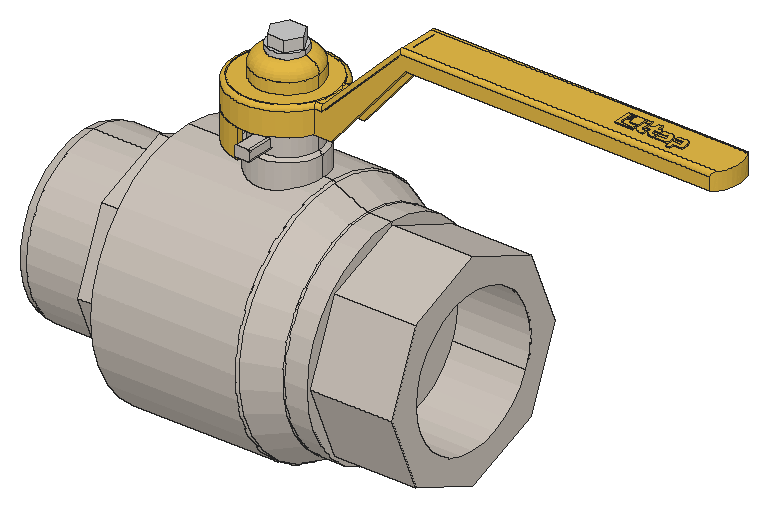
Revit family "067", category Pipe Accessories, Revit 2019
Family settings
  Round Connector Dimension = Use Diameter
  Part Type = Valve - Breaks Into
  OmniClass Number = 23.45.00.00
  OmniClass Title = Sanitary, Laundry, and Cleaning Equipment
  Work Plane-Based = No
  Always vertical = Yes
  Cut with Voids When Loaded = No
  Shared = No
Parameters
  screw = "zinc_ plated steel C4C"  # constant formula
  lever = "Varnished steel_Y"  # constant formula
  Z [instance] = size_lookup(Table, "Z", 0 mm, DN)  # 10.8 mm
  Y [instance] = size_lookup(Table, "Y", 0 mm, DN)  # 11 mm
  X [instance] = size_lookup(Table, "X", 0 mm, DN)  # 3 mm
  W [instance] = size_lookup(Table, "w", 0 mm, DN)  # 5.8 mm
  SH [instance] = size_lookup(Table, "SH", 0 mm, DN)  # 8 mm
  SD [instance] = size_lookup(Table, "SD", 0 mm, DN)  # 18 mm
  R [instance] = DN / 2  # 25 mm
  OD [instance] = size_lookup(Table, "OD", 0 mm, DN)  # 4.4 mm
  Lever Width [instance] = size_lookup(Table, "W", 0 mm, DN)  # 35 mm
  URL = "https://www.itap.it/en/products/valves/gas-ball-valves-and-gas-safety-devices/067/"
  Stem = "Brass CW617N"  # constant formula
  Seat = "P.T.F.E."  # constant formula
  O-ring = "NBR"  # constant formula
  O ring = "Viton"  # constant formula
  Manufacturer = "ITAP S.p.A."  # constant formula
  Model = "067"
  LBS - psi [instance] = size_lookup(Table, "LBS - psi", 0 mm, DN)  # 72.5 mm
  Kg/cm2 bar [instance] = size_lookup(Table, "Kg/cm2 bar", 0 mm, DN)  # 5 mm
  Handle Offset [instance] = size_lookup(Table, "HO", 0 mm, DN)  # 2.75 mm
  G [instance] = size_lookup(Table, "G", 0 mm, DN)  # 26 mm
  Female end adapter = "Nickel-plated brass CW617N"  # constant formula
  F2 [instance] = size_lookup(Table, "F2", 0 mm, DN)  # 28.5 mm
  F1 [instance] = size_lookup(Table, "F1", 0 mm, DN)  # 10 mm
  F [instance] = size_lookup(Table, "F", 0 mm, DN)  # 25.7 mm
  E2 [instance] = E / 2  # 25 mm
  E [instance] = size_lookup(Table, "E", 0 mm, DN)  # 50 mm
  Description = "LONDON BALL VALVE, FULL FLOW"  # constant formula
  DN [instance] = 50 mm
  D [instance] = size_lookup(Table, "D", 0 mm, DN)  # 157.8 mm
  Code [instance] = size_lookup(Table, "", "-", DN)  # "067B200"
  Table = "ITAP"
  CH [instance] = size_lookup(Table, "CH", 0 mm, DN)  # 66 mm
  C1 [instance] = Lever Width / 2  # 17.5 mm
  C [instance] = size_lookup(Table, "C", 0 mm, DN)  # 97 mm
  Body = Nickel-plated brass CW617N_Body
  Ball = "Chrome-plated brass CW617N"  # constant formula
  BOLT2 [instance] = if(DN > 11 mm, 2 > 1, 1 > 2)  # yes
  BOLT1 [instance] = not(BOLT2)  # no
  B [instance] = size_lookup(Table, "B", 0 mm, DN)  # 85 mm
  A [instance] = size_lookup(Table, "A", 0 mm, DN)  # 135.5 mm
Reference planes
  plane 1 "Centro (Fronte/Retro)": y = 0
  plane 2: z = 0
  plane 3 "Centro (Sinistra/Destra)": x = 0
  plane 4: z = 97
  plane 5: z = 42.5
  plane 6: x = -67.75
  plane 7: x = 67.75
  plane 8: x = -41.75
  plane 9: x = 42.05
  plane 10: z = -42.5
  plane 11: z = -25
  plane 12: y = 33
  plane 13: y = -33
  plane 14: x = 160.55
  plane 15: y = -17.5
  plane 16: x = -31.75
  plane 17: y = 1.834
  plane 18: y = -1.834
  plane 19: z = 25
  plane 20: x = 2.75
  plane 21: z = 29.4
  plane 22: x = -64.75
  plane 23: z = -36.7
  plane 24: x = 31.25
  plane 25: x = 30.5
  plane 26: x = 19.5
  plane 27: x = 39.25
Forms (mm)
  Revolve 1, solid, material "Nickel-plated brass CW617N_Body", detail levels fine
    sketch origin (0, 0, 0) x (1, 0, 0) y (0, 0, 1)
      loop
        line (-31.75, 0) -> (-31.75, -42.5) -> (18.613, -42.5)
        arc (18.613, -42.5) -> (19.093, -42.405) -> (19.5, -42.133) r 1.254
        line (19.5, -42.133) -> (30.5, -36.886)
        arc (30.5, -36.886) -> (30.864, -36.747) -> (31.25, -36.7) r 1.61
        line (31.25, -36.7) -> (39.25, -36.7) -> (39.25, -25) -> (42.05, -25) -> (42.05, 0) -> (-31.75, 0)
      axis (-31.75, 0) -> (42.05, 0)
    angle from 0 to 360
  Extrusion 2, solid, material "Lever Material_yellow", detail levels fine
    sketch origin (-96.802, -1524, 97) x (-1, 0, 0) y (0, -1, 0)
      loop
        line (-223.12, -1527.447) -> (-223.12, -1525.974) -> (-224.609, -1525.974) -> (-224.609, -1527.447) -> (-223.12, -1527.447)
      loop
        line (-223.12, -1525.52) -> (-223.12, -1522.799)
        arc (-223.12, -1522.799) -> (-223.611, -1521.614) -> (-224.796, -1521.123) r 1.676
        line (-224.796, -1521.123) -> (-226.129, -1521.123) -> (-226.129, -1522.574) -> (-225.188, -1522.574)
        arc (-225.188, -1522.574) -> (-224.778, -1522.743) -> (-224.609, -1523.153) r 0.579
        line (-224.609, -1523.153) -> (-224.609, -1525.52) -> (-223.12, -1525.52)
      loop
        line (-226.627, -1527.447) -> (-226.627, -1525.52) -> (-225.167, -1525.52) -> (-225.167, -1524) -> (-226.627, -1524) -> (-226.627, -1523.172)
        arc (-226.627, -1523.172) -> (-227.227, -1521.723) -> (-228.676, -1521.123) r 2.049
        line (-228.676, -1521.123) -> (-229.671, -1521.123) -> (-229.671, -1522.574) -> (-228.738, -1522.574)
        arc (-228.738, -1522.574) -> (-228.341, -1522.738) -> (-228.177, -1523.135) r 0.561
        line (-228.177, -1523.135) -> (-228.177, -1524) -> (-229.671, -1524) -> (-229.671, -1524.957)
        arc (-229.671, -1524.957) -> (-229.507, -1525.355) -> (-229.109, -1525.52) r 0.562
        line (-229.109, -1525.52) -> (-228.177, -1525.52) -> (-228.177, -1527.447) -> (-226.627, -1527.447)
      loop
        line (-230.216, -1524) -> (-232.147, -1524)
        arc (-232.147, -1524) -> (-233.036, -1523.553) -> (-233.209, -1522.574) r 1.108
        line (-233.209, -1522.574) -> (-230.216, -1522.574) -> (-230.216, -1521.123) -> (-234.146, -1521.123)
        arc (-234.146, -1521.123) -> (-234.551, -1521.291) -> (-234.718, -1521.695) r 0.571
        line (-234.718, -1521.695) -> (-234.718, -1523.166)
        arc (-234.718, -1523.166) -> (-234.029, -1524.83) -> (-232.364, -1525.52) r 2.354
        line (-232.364, -1525.52) -> (-230.783, -1525.52)
        arc (-230.783, -1525.52) -> (-230.382, -1525.354) -> (-230.216, -1524.952) r 0.568
        line (-230.216, -1524.952) -> (-230.216, -1524)
      loop
        line (-235.303, -1524) -> (-237.235, -1524)
        arc (-237.235, -1524) -> (-238.124, -1523.553) -> (-238.296, -1522.574) r 1.108
        line (-238.296, -1522.574) -> (-235.303, -1522.574) -> (-235.303, -1519.479) -> (-236.753, -1519.479) -> (-236.753, -1521.123) -> (-239.234, -1521.123)
        arc (-239.234, -1521.123) -> (-239.638, -1521.291) -> (-239.805, -1521.695) r 0.571
        line (-239.805, -1521.695) -> (-239.805, -1523.166)
        arc (-239.805, -1523.166) -> (-239.116, -1524.83) -> (-237.452, -1525.52) r 2.354
        line (-237.452, -1525.52) -> (-235.871, -1525.52)
        arc (-235.871, -1525.52) -> (-235.469, -1525.354) -> (-235.303, -1524.952) r 0.568
        line (-235.303, -1524.952) -> (-235.303, -1524)
      loop
        line (-222.484, -1521.123) -> (-222.484, -1527.447) -> (-216.184, -1527.447) -> (-216.184, -1521.123) -> (-222.484, -1521.123)
      loop
        line (-217.436, -1526.924) -> (-217.436, -1525.482)
        arc (-217.436, -1525.482) -> (-217.864, -1525.291) -> (-218.292, -1525.482) r 0.575
        arc (-218.292, -1525.482) -> (-218.831, -1525.804) -> (-219.438, -1525.646) r 0.812
        line (-219.438, -1525.646) -> (-219.438, -1526.924) -> (-217.436, -1526.924)
      loop
        line (-219.438, -1523.68) -> (-219.438, -1525.129)
        arc (-219.438, -1525.129) -> (-218.946, -1525.378) -> (-218.453, -1525.129) r 0.612
        arc (-218.453, -1525.129) -> (-217.944, -1524.872) -> (-217.436, -1525.129) r 0.632
        line (-217.436, -1525.129) -> (-217.436, -1523.44)
        arc (-217.436, -1523.44) -> (-217.938, -1522.227) -> (-219.151, -1521.725) r 1.715
        line (-219.151, -1521.725) -> (-222.057, -1521.725) -> (-222.057, -1523.68) -> (-219.438, -1523.68)
    from -0.5 to 0.5
  Revolve 3, solid, material "Nickel-plated brass CW617N_Body", detail levels fine
    sketch origin (0, 0, 0) x (1, 0, 0) y (0, 0, 1)
      loop
        line (-67.75, 28.361) -> (-67.75, 25) -> (-41.75, 25) -> (-41.75, 29.4) -> (-64.75, 29.4) -> (-67.75, 28.361)
      axis (-67.75, 0) -> (-41.75, 0)
    angle from 0 to 360
Lines and regions (mm)
  model lines, detail levels coarse+medium
    curve 1: circle (0, 0, 0) r 25 normal (0, 0, 1)
    curve 2: line (-41.75, 33, 0) -> (-41.75, -33, 0)
    curve 3: line (42.05, 33, 0) -> (42.05, -33, 0)
    curve 4: line (-41.75, 33, 0) -> (-24.933, 1.834, 0)
    curve 5: line (-41.75, -33, 0) -> (-24.933, -1.834, 0)
    curve 6: line (42.05, 33, 0) -> (24.933, 1.834, 0)
    curve 7: line (42.05, -33, 0) -> (24.933, -1.834, 0)
    curve 8: line (-41.75, 0, 0) -> (-67.75, 0, 0)
    curve 9: line (42.05, 0, 0) -> (67.75, 0, 0)
Dimensions and locks
  "C": plane 4 to level
  equal spacing: plane 6, plane 3 "Centro (Sinistra/Destra)", plane 7
  "A": plane 6 to plane 7
  "G": plane 6 to plane 8
  "F": plane 7 to plane 9
  equal spacing: plane 5, level, plane 10
  "B": plane 5 to plane 10
  "E2": level to plane 11
  equal spacing: plane 13, plane 1 "Centro (Fronte/Retro)", plane 12
  "CH": plane 13 to plane 12
  "D": plane 14 to plane 20
  "C1": plane 1 "Centro (Fronte/Retro)" to plane 15
  Extrusion 2 to plane 4 to Extrusion 2 = 0.5 mm locked, 0.5 mm locked
  "F1": plane 16 to plane 8
  equal spacing: plane 19, level, plane 11
  "Handle Offset": plane 20 to plane 3 "Centro (Sinistra/Destra)"
  "OD": plane 21 to plane 19
  "X": plane 6 to plane 22
  "W": plane 23 to plane 10
  locked: plane 25 to plane 24 at 0.75
  "Y": plane 26 to plane 25
  locked: Revolve 1 sketch curve to plane 26 at 0.887
  locked: Revolve 1 sketch curve to plane 10 at 0.367
  "Z": plane 24 to plane 9
  locked: plane 23 to Revolve 1 sketch curve at 0.186
  "F2": plane 7 to plane 27
  "DN": diameter of curve 1
  aligned and locked: level to plane 2
  aligned and locked: plane 10 to Revolve 1 sketch curve
  aligned and locked: Revolve 1 sketch curve to plane 16
  aligned and locked: nested 1 to plane 8
  aligned and locked: curve 2 to plane 8
  aligned and locked: curve 3 to plane 9
  aligned and locked: plane 12 to curve 2
  aligned and locked: plane 13 to curve 2
  aligned and locked: plane 12 to curve 3
  aligned and locked: plane 13 to curve 3
  aligned and locked: curve 2 to curve 8
  aligned and locked: plane 6 to curve 8
  aligned and locked: curve 3 to curve 9
  aligned and locked: plane 7 to curve 9
  aligned and locked: Revolve 1 sketch curve to Revolve 1 sketch curve
  aligned and locked: Revolve 3 sketch curve to plane 19
  aligned and locked: Revolve 3 sketch curve to plane 21  (x2)
  aligned and locked: plane 8 to Revolve 3 sketch curve
  aligned and locked: nested 2 to plane 7
  aligned and locked: nested 2 to plane 1 "Centro (Fronte/Retro)"
  aligned and locked: plane 23 to Revolve 1 sketch curve
  aligned and locked: plane 25 to Revolve 1 sketch curve  (x2)
  aligned and locked: plane 24 to Revolve 1 sketch curve
  aligned and locked: plane 26 to Revolve 1 sketch curve
  aligned and locked: Revolve 1 sketch curve to plane 9
  aligned and locked: Revolve 1 sketch curve to plane 27
  aligned and locked: Revolve 1 sketch curve to plane 11
  aligned and locked: plane 1 "Centro (Fronte/Retro)" to nested 3
  aligned and locked: plane 20 to nested 3
  aligned and locked: nested 4 to level
  aligned and locked: nested 5 to level
  aligned and locked: plane 16 to nested 5
  aligned and locked: nested 4 to plane 27
  aligned and locked: plane 1 "Centro (Fronte/Retro)" to nested 5
  aligned and locked: plane 1 "Centro (Fronte/Retro)" to nested 4
  aligned and locked: plane 6 to Revolve 3 sketch curve
  aligned and locked: plane 22 to Revolve 3 sketch curve
Automatic sketch dimensions
  plane 1 "Centro (Fronte/Retro)" to Extrusion 2 sketch curve = 0 mm  (x4)
  plane 1 "Centro (Fronte/Retro)" to Extrusion 2 sketch curve = 2.305 mm
  plane 14 to Extrusion 2 sketch curve = 17.547 mm
  Extrusion 2 sketch curve to Extrusion 2 sketch curve = 0.571 mm  (x2)
  Extrusion 2 sketch curve to Extrusion 2 sketch curve = 0.938 mm  (x2)
  Extrusion 2 sketch curve to plane 1 "Centro (Fronte/Retro)" = 1.52 mm  (x4)
  Extrusion 2 sketch curve to Extrusion 2 sketch curve = 0.844 mm
  Extrusion 2 sketch curve to Extrusion 2 sketch curve = 0.217 mm  (x2)
  Extrusion 2 sketch curve to Extrusion 2 sketch curve = 2.481 mm
  Extrusion 2 sketch curve to Extrusion 2 sketch curve = 1.364 mm  (x2)
  Extrusion 2 sketch curve to Extrusion 2 sketch curve = 1.932 mm  (x2)
  Extrusion 2 sketch curve to Extrusion 2 sketch curve = 0.568 mm  (x2)
  Extrusion 2 sketch curve to Extrusion 2 sketch curve = 0.585 mm
  Extrusion 2 sketch curve to Extrusion 2 sketch curve = 2.939 mm
  Extrusion 2 sketch curve to Extrusion 2 sketch curve = 0.544 mm  (x2)
  Extrusion 2 sketch curve to Extrusion 2 sketch curve = 0.562 mm
  Extrusion 2 sketch curve to Extrusion 2 sketch curve = 0.933 mm
  Extrusion 2 sketch curve to Extrusion 2 sketch curve = 0.995 mm
  Extrusion 2 sketch curve to Extrusion 2 sketch curve = 0.499 mm
  Extrusion 2 sketch curve to Extrusion 2 sketch curve = 0.932 mm
  Extrusion 2 sketch curve to Extrusion 2 sketch curve = 1.55 mm  (x2)
  Extrusion 2 sketch curve to Extrusion 2 sketch curve = 0.498 mm
  Extrusion 2 sketch curve to Extrusion 2 sketch curve = 0.941 mm
  Extrusion 2 sketch curve to Extrusion 2 sketch curve = 1.46 mm
  Extrusion 2 sketch curve to Extrusion 2 sketch curve = 0.392 mm
  Extrusion 2 sketch curve to Extrusion 2 sketch curve = 0.558 mm
  Extrusion 2 sketch curve to Extrusion 2 sketch curve = 0.187 mm
  Extrusion 2 sketch curve to Extrusion 2 sketch curve = 1.489 mm
  Extrusion 2 sketch curve to Extrusion 2 sketch curve = 0 mm  (x3)
  Extrusion 2 sketch curve to Extrusion 2 sketch curve = 0.636 mm
  Extrusion 2 sketch curve to Extrusion 2 sketch curve = 0.427 mm
  Extrusion 2 sketch curve to Extrusion 2 sketch curve = 3.045 mm
  plane 1 "Centro (Fronte/Retro)" to Extrusion 2 sketch curve = 0.32 mm
  Extrusion 2 sketch curve to Extrusion 2 sketch curve = 0.287 mm
  Extrusion 2 sketch curve to Extrusion 2 sketch curve = 0.493 mm
  Extrusion 2 sketch curve to Extrusion 2 sketch curve = 1.001 mm
  Extrusion 2 sketch curve to Extrusion 2 sketch curve = 0.08 mm
  Extrusion 2 sketch curve to Extrusion 2 sketch curve = 0.428 mm
  plane 1 "Centro (Fronte/Retro)" to Extrusion 2 sketch curve = 0.56 mm
  Extrusion 2 sketch curve to Extrusion 2 sketch curve = 1.715 mm
  Extrusion 2 sketch curve to Extrusion 2 sketch curve = 1.252 mm
  Extrusion 2 sketch curve to plane 1 "Centro (Fronte/Retro)" = 1.646 mm
  Extrusion 2 sketch curve to Extrusion 2 sketch curve = 0.219 mm
  Extrusion 2 sketch curve to plane 1 "Centro (Fronte/Retro)" = 1.974 mm
  Extrusion 2 sketch curve to Extrusion 2 sketch curve = 1.059 mm
  Extrusion 2 sketch curve to Extrusion 2 sketch curve = 1.473 mm  (x3)
  Extrusion 2 sketch curve to Extrusion 2 sketch curve = 0.454 mm
  Extrusion 2 sketch curve to Extrusion 2 sketch curve = 0.361 mm
  Extrusion 2 sketch curve to Extrusion 2 sketch curve = 0.022 mm
  Extrusion 2 sketch curve to Extrusion 2 sketch curve = 0.353 mm
  Extrusion 2 sketch curve to Extrusion 2 sketch curve = 0.517 mm
  Extrusion 2 sketch curve to Extrusion 2 sketch curve = 0.129 mm
  Extrusion 2 sketch curve to Extrusion 2 sketch curve = 0.234 mm
  plane 1 "Centro (Fronte/Retro)" to Extrusion 2 sketch curve = 0.828 mm
  plane 1 "Centro (Fronte/Retro)" to Extrusion 2 sketch curve = 0.847 mm
  Extrusion 2 sketch curve to Extrusion 2 sketch curve = 0.037 mm
  Extrusion 2 sketch curve to Extrusion 2 sketch curve = 0.274 mm  (x2)
  plane 1 "Centro (Fronte/Retro)" to Extrusion 2 sketch curve = 1.201 mm
  Extrusion 2 sketch curve to Extrusion 2 sketch curve = 0.879 mm
  Extrusion 2 sketch curve to Extrusion 2 sketch curve = 0.601 mm
  Extrusion 2 sketch curve to Extrusion 2 sketch curve = 1.644 mm
  curve 4 to plane 17 = 0 mm
  curve 5 to plane 18 = 0 mm
  plane 1 "Centro (Fronte/Retro)" to curve 1 = 0 mm
  curve 1 to plane 3 "Centro (Sinistra/Destra)" = 0 mm
  curve 6 to plane 17 = 0 mm
  curve 7 to plane 18 = 0 mm
  plane 1 "Centro (Fronte/Retro)" to curve 9 = 0 mm
  plane 1 "Centro (Fronte/Retro)" to curve 8 = 0 mm
  Revolve 1 sketch curve to level = 0 mm
  Revolve 1 sketch curve to plane 8 = 0 mm
  plane 20 to Revolve 1 sketch curve = 3.078 mm
  Revolve 3 sketch curve to level = 0 mm
  plane 6 to Revolve 3 sketch curve = 0 mm
  plane 21 to Revolve 3 sketch curve = 1.039 mm
  plane 22 to Revolve 3 sketch curve = 1.489 mm
Nested families
  nested 1: "BOLT2" at (-7.241, -62.5, -45.982) x (0, 1, 0) z (0, 0, 1), CH <- "CH", E <- "E", F <- "F1", visible <- "BOLT2", type "BOLT (2)", detail levels fine
    with F 10 mm, E 50 mm, CH 66 mm, Body Nickel-plated brass CW617N_Body
  nested 2: "BOLT2" at (73.759, -62.5, -45.982) x (0, 1, 0) z (0, 0, 1), CH <- "CH", E <- "E", F <- "F2", visible <- "BOLT2", type "BOLT (2)", detail levels fine
    with F 28.5 mm, E 50 mm, CH 66 mm, Body Nickel-plated brass CW617N_Body
  nested 3: "Valve Handle_067" at (2.75, 0, 0), DN <- "DN", type "Valve Handle_067", detail levels fine
    with h2 1 mm, h1 0 mm, X2 12.5 mm, X1 11 mm, Width of lever 16 mm, RH 52 mm, P1 3.8 mm, P 5 mm, Lever material_yellow Lever Material_yellow, Lever bolt material_silver Lever material_silver, Lever Height 9.5 mm, L1 6 mm, Head Rod 39 mm, Head Radius 18.1 mm, Head Dia 36.2 mm, DNA 50 mm, DN 50 mm, D2 18 mm, D1 45.5 mm, D 157.8 mm, C4 50.3 mm, C3 60.3 mm, C2 69.8 mm, C1 78.3 mm, C 97.3 mm, Bolt Height 3.7 mm, Bolt Diameter 10 mm, BODY Nickel-plated brass CW617N_Body, BDH1 1.8 mm, BD2 11 mm, BD1 6.4 mm
  nested 4: "BOLT1" at (-43.126, 78.75, -27.5) x (0, 1, 0) z (0, 0, 1), visible <- "BOLT1", F <- "F2", CH <- "CH", E <- "E", type "BOLT1", detail levels fine
    with W 6.286 mm, F 28.5 mm, E 50 mm, CH 66 mm, Body Nickel-plated brass CW617N_Body
  nested 5: "BOLT1" at (-124.126, 78.75, -27.5) x (0, 1, 0) z (0, 0, 1), visible <- "BOLT1", F <- "F1", CH <- "CH", E <- "E", type "BOLT1", detail levels fine
    with W 6.286 mm, F 10 mm, E 50 mm, CH 66 mm, Body Nickel-plated brass CW617N_Body
Connectors
  piping at (-67.75, 0, 0), diameter 50, driven by "DN"
    settings: on Revolve 3, index 3, connector inside diameter 609.6 mm, connector length 0 mm, flow factor 0, pipe flow 0.0 L/s, pressure drop 0.0 Pa, fitting loss kfactor 0, connector angle 0.00°, fixture units 0, engagement length 0 mm, angle of deflection 0.00°, flow configuration 0, flow direction 0, fitting loss method 0, system type 28, joint type 0, gender type 0, connector reference index -1, connector utility 0, adjustable connector no, is connector primary yes, connector description ""
  piping at (67.75, 0, 0), diameter 50, driven by "DN"
    settings: on nested 2, index 4, connector inside diameter 609.6 mm, connector length 0 mm, flow factor 0, pipe flow 0.0 L/s, pressure drop 0.0 Pa, fitting loss kfactor 0, connector angle 0.00°, fixture units 0, engagement length 0 mm, angle of deflection 0.00°, flow configuration 0, flow direction 0, fitting loss method 0, system type 28, joint type 0, gender type 0, connector reference index -1, connector utility 0, adjustable connector no, is connector primary no, connector description ""
Definition of nested family "BOLT2"
  Parameters (values of type "BOLT (2)")
    E [instance] = 15 mm
    CH [instance] = 25 mm
    F [instance] = 15 mm
    Body [instance] = none
  Reference planes
    plane 1 "Center (Front/Back)": y = 0
    plane 2: z = 0
    plane 3 "Center (Left/Right)": x = 0
    plane 4: through (-714.415, 1225.272, -1796.993) normal (0.9239, 0, -0.3827)
    plane 5: through (-691.318, 1225.272, -1806.56) normal (0.9239, 0, -0.3827)
    plane 6: through (1905.476, 1225.272, -730.933) normal (0.3827, 0, 0.9239)
    plane 7: through (1915.043, 1225.272, -707.836) normal (0.3827, 0, 0.9239)
    plane 8: through (62.5, 1225.272, 45.982) normal (-0.9239, 0, -0.3827)
    plane 9: through (42.834, 1225.272, 60.797) normal (-0.9239, 0, -0.3827)
    plane 10: through (65.931, 1225.272, 70.364) normal (-0.9239, 0, -0.3827)
    plane 11: through (42.902, 1225.272, 37.865) normal (0.3827, 0, -0.9239)
    plane 12: through (38.118, 1225.272, 49.413) normal (0.3827, 0, -0.9239)
    plane 13: through (47.685, 1225.272, 26.316) normal (0.3827, 0, -0.9239)
    plane 14: through (62.5, 15.272, 45.982) normal (-0.3827, 0, -0.9239)
    plane 15: through (62.5, 15.272, 45.982) normal (0.9239, 0, -0.3827)
  Forms (mm)
    Extrusion 1, solid, material <- "Body"
      sketch origin (62.5, 25.272, 45.982) x (0.92388, 0, -0.382683) y (-0.382683, 0, -0.92388)
        loop
          line (-12.5, 5.178) -> (-12.5, -5.178) -> (-5.178, -12.5) -> (5.178, -12.5) -> (12.5, -5.178) -> (12.5, 5.178) -> (5.178, 12.5) -> (-5.178, 12.5) -> (-12.5, 5.178)
        loop
          circle (0, 0) r 7.5
      from 9.237 to -5.763
  Dimensions and locks
    equal spacing: plane 9, plane 8, plane 10
    equal spacing: plane 13, plane 11, plane 12
    equal spacing: plane 6, plane 14, plane 7
    equal spacing: plane 5, plane 15, plane 4
    "CH": plane 5 to plane 4
    "CH": plane 9 to plane 10
    "CH": plane 13 to plane 12
    "CH": plane 6 to plane 7
    "F": Extrusion 1 to Extrusion 1
    "E": diameter of Extrusion 1 sketch curve
    aligned and locked: level to plane 2
    aligned and locked: Extrusion 1 sketch curve to plane 6
    aligned and locked: Extrusion 1 sketch curve to plane 4
    aligned and locked: Extrusion 1 sketch curve to plane 12
    aligned and locked: plane 9 to Extrusion 1 sketch curve
    aligned and locked: plane 13 to Extrusion 1 sketch curve
    aligned and locked: plane 5 to Extrusion 1 sketch curve
    aligned and locked: Extrusion 1 sketch curve to plane 10
    aligned and locked: plane 7 to Extrusion 1 sketch curve
    aligned and locked: plane 14 to Extrusion 1 sketch curve
    aligned and locked: plane 15 to Extrusion 1 sketch curve
Definition of nested family "Valve Handle_067"
  Parameters (values of type "Valve Handle_067")
    h2 [instance] = size_lookup(Table, "h2", 0 mm, DNA)  # 1 mm
    h1 [instance] = size_lookup(Table, "h1", 0 mm, DNA)  # 0 mm
    X2 [instance] = size_lookup(Table, "X2", 0 mm, DNA)  # 9 mm
    X1 [instance] = size_lookup(Table, "X1", 0 mm, DNA)  # 7.5 mm
    Width of lever [instance] = size_lookup(Table, "WL", 0 mm, DNA)  # 13 mm
    Table = "Handle"  # constant formula
    RH [instance] = size_lookup(Table, "RH", 0 mm, DNA)  # 27.2 mm
    P1 [instance] = size_lookup(Table, "P1", 0 mm, DNA)  # 3.4 mm
    P [instance] = size_lookup(Table, "P", 0 mm, DNA)  # 4 mm
    Lever Height [instance] = C2 - C3  # 7 mm
    L1 [instance] = if(DN < 51 mm, 6 mm, 8 mm)  # 6 mm
    Head Rod [instance] = size_lookup(Table, "HR", 0 mm, DNA)  # 28 mm
    DNA [instance] = if(DN < 8 mm, 8 mm, if(DN > 100 mm, 100 mm, DN))  # 25 mm
    DN [instance] = 25 mm
    D2 [instance] = size_lookup(Table, "D2", 0 mm, DNA)  # 11.5 mm
    D1 [instance] = size_lookup(Table, "D1", 0 mm, DNA)  # 28.5 mm
    C4 [instance] = size_lookup(Table, "C4", 0 mm, DNA)  # 26.8 mm
    C3 [instance] = size_lookup(Table, "C3", 0 mm, DNA)  # 32.8 mm
    C2 [instance] = size_lookup(Table, "C2", 0 mm, DNA)  # 39.8 mm
    C1 [instance] = size_lookup(Table, "C1", 0 mm, DNA)  # 46.8 mm
    C [instance] = size_lookup(Table, "C", 0 mm, DNA)  # 58.8 mm
    Bolt Height [instance] = size_lookup(Table, "BH", 0 mm, DNA)  # 3.2 mm
    Bolt Diameter [instance] = size_lookup(Table, "BD", 0 mm, DNA)  # 7 mm
    Lever material_yellow [instance] = none
    Lever bolt material_silver [instance] = none
    D [instance] = size_lookup(Table, "D", 0 mm, DNA)  # 113 mm
    Head Radius [instance] = Head Dia / 2  # 12.1 mm
    Head Dia [instance] = size_lookup(Table, "HD", 0 mm, DNA)  # 24.2 mm
    BODY [instance] = none
    BDH1 [instance] = size_lookup(Table, "BDH1", 0 mm, DNA)  # 1.3 mm
    BD2 [instance] = size_lookup(Table, "BD2", 0 mm, DNA)  # 6.2 mm
    BD1 [instance] = size_lookup(Table, "BD1", 0 mm, DNA)  # 4.3 mm
  Reference planes
    plane 1 "Center (Front/Back)": y = 0
    plane 2: z = 0
    plane 3 "Center (Left/Right)": x = 0
    plane 4: x = 113
    plane 5: y = -6.5
    plane 6: y = 6.5
    plane 7: y = 12.1
    plane 8: y = -12.1
    plane 9: x = -12.1
    plane 10: x = -6.2
    plane 11: z = 62.437
    plane 12: z = 47.8
    plane 13: z = 58.8
    plane 14: x = 3.5
    plane 15: x = -3.5
    plane 16: x = 28.5
    plane 17: x = 11.5
    plane 18: z = 39.8
    plane 19: z = 26.8
    plane 20: z = 32.8
    plane 21: z = 46.8
    plane 22: x = -8.275
    plane 23: x = -4.3
    plane 24: z = 27.2
    plane 25: z = 30.6
    plane 26: z = 51.8
    plane 27: z = 52.8
    plane 28: z = 51.8
    plane 29: x = -2
    plane 30: x = 2
  Forms (mm)
    Sweep 1, solid, material <- "Lever material_yellow"
      path origin (0, 0, 0) x (1, 0, 0) y (0, 1, 0)
        loop
          circle (-0.45, 0) r 12.1
      profile origin (-0.45, -12.1, 0) x (0, -1, 0) y (0, 0, 1)
        loop
          line (-1.52, 39.8) -> (-1.52, 32.8) -> (-0.02, 32.8) -> (-0.02, 38.28)
          arc (-0.02, 38.28) -> (-0.458, 39.348) -> (-1.52, 39.8) r 1.52
    Extrusion 2, solid, material <- "Lever material_yellow"
      sketch origin (0, 0, 0) x (1, 0, 0) y (0, 1, 0)
        loop
          circle (-0.45, 0) r 10.58
      from 38.3 to 39.8
    Revolve 3, solid, material <- "Lever material_yellow"
      sketch origin (0, 0, 0) x (1, 0, 0) y (0, 0, 1)
        loop
          line (0, 46.8) -> (-4.3, 46.8)
          arc (-4.3, 46.8) -> (-5.644, 46.244) -> (-6.2, 44.9) r 1.9
          line (-6.2, 44.9) -> (-6.2, 39.8) -> (0, 39.8) -> (0, 46.8)
        axis (0, 39.8) -> (0, 46.8)
      angle from 0 to 360
    Extrusion 4, void
      sketch origin (0, 0, 0) x (1, 0, 0) y (0, 1, 0)
        loop
          line (114.712, 6.8) -> (108, 6.8)
          spline (108, 6.8) -> (109.294, 6.568) -> (110.5, 5.889) -> (111.536, 4.808) -> (112.33, 3.4) -> (112.83, 1.76) -> (113, 0) -> (112.83, -1.76) -> (112.33, -3.4) -> (111.536, -4.808) -> (110.5, -5.889) -> (109.294, -6.568) -> (108, -6.8)
          line (108, -6.8) -> (114.712, -6.8) -> (114.712, 6.8)
      from 47.8 to 62.437
    Extrusion 5, solid, material <- "Lever material_yellow"
      sketch origin (0, 0, 0) x (1, 0, 0) y (0, 1, 0)
        loop
          line (113, 5) -> (103, 5) -> (103, -5) -> (113, -5) -> (113, 5)
      from 52.8 to 58.8
    Sweep 6, solid, material <- "Lever material_yellow"
      path origin (0, 0, 0) x (1, 0, 0) y (0, 0, 1)
        loop
          line (0, 39.8) -> (11.5, 39.8) -> (28.5, 58.8) -> (113, 58.8)
      profile origin (70.75, 0, 58.8) x (0, 0, 1) y (0, -1, 0)
        loop
          line (0, -4.98) -> (0, 4.98)
          arc (0, 4.98) -> (-0.445, 6.055) -> (-1.52, 6.5) r 1.52
          line (-1.52, 6.5) -> (-7, 6.5) -> (-7, 5) -> (-1.5, 5) -> (-1.5, -5) -> (-7, -5) -> (-7, -6.5) -> (-1.52, -6.5)
          arc (-1.52, -6.5) -> (-0.445, -6.055) -> (0, -4.98) r 1.52
    Extrusion 7, solid, material <- "Lever material_yellow"
      sketch origin (-0.45, 0, 32.8) x (0, 1, 0) y (1, 0, 0)
        loop
          arc (-11.873, -2.35) -> (-8.495, -8.602) -> (-2.2, -11.901) r 12.168
          line (-2.2, -11.901) -> (-2.2, -10.349)
          arc (-2.2, -10.349) -> (-7.427, -7.535) -> (-10.316, -2.35) r 10.58
          line (-10.316, -2.35) -> (-11.873, -2.35)
      from 0 to 6
    Extrusion 8, solid, material <- "BODY"
      sketch origin (0, 0, 0) x (1, 0, 0) y (0, 0, 1)
        loop
          arc (1.5, 27.2) -> (1.854, 27.346) -> (2, 27.7) r 0.5
          line (2, 27.7) -> (2, 30.1)
          arc (2, 30.1) -> (1.854, 30.454) -> (1.5, 30.6) r 0.5
          line (1.5, 30.6) -> (-1.5, 30.6)
          arc (-1.5, 30.6) -> (-1.854, 30.454) -> (-2, 30.1) r 0.5
          line (-2, 30.1) -> (-2, 27.7)
          arc (-2, 27.7) -> (-1.854, 27.346) -> (-1.5, 27.2) r 0.5
          line (-1.5, 27.2) -> (1.5, 27.2)
      from -14 to 14
    Revolve 9, solid, material <- "BODY"
      sketch origin (0, 0, 0) x (1, 0, 0) y (0, 0, 1)
        loop
          line (-9, 25.8) -> (-9, 0) -> (0, 0) -> (0, 32.8) -> (-7.5, 32.8) -> (-7.5, 26.8) -> (-9, 25.8)
        axis (0, 32.8) -> (0, 0)
      angle from 0 to 360
    Revolve 10, solid, material <- "Lever bolt material_silver"
      sketch origin (0, 0, 0) x (1, 0, 0) y (0, 0, 1)
        loop
          line (0, 48.1) -> (-4.3, 48.1) -> (-4.3, 46.8) -> (0, 46.8) -> (0, 48.1)
        axis (0, 46.8) -> (0, 48.1)
      angle from 0 to 360
    Extrusion 11, void
      sketch origin (0, 0, 0) x (1, 0, 0) y (0, 0, 1)
        loop
          line (14.63, 32.8) -> (21.429, 32.8) -> (44.929, 47.8) -> (116, 47.8) -> (116, 52.8) -> (31.183, 52.8) -> (14.63, 32.8)
      from -8.5 to 8.5
  Cuts and joins
    Extrusion 4 cuts Extrusion 5
    Extrusion 4, Extrusion 11 cuts Sweep 6
    joined: Extrusion 2, Extrusion 5, Sweep 6
  Lines and regions (mm)
    reference lines
      curve 1: line (11.5, 0, 39.8) -> (28.5, 0, 58.8)
      curve 2: line (14.63, 0, 32.8) -> (27.831, 0, 47.554)
      curve 3: line (11.607, 0, 30.921) -> (30.244, 0, 51.751)
      curve 4: line (14.63, 0, 32.8) -> (31.183, 0, 52.8)
  Dimensions and locks
    "D": plane 4 to plane 3 "Center (Left/Right)"
    equal spacing: plane 5, plane 1 "Center (Front/Back)", plane 6
    "Width of lever": plane 5 to plane 6
    equal spacing: plane 7, plane 1 "Center (Front/Back)", plane 8
    "Head Dia": plane 7 to plane 8
    "Head Radius": plane 3 "Center (Left/Right)" to plane 9
    locked: Extrusion 4 sketch curve to plane 6 at 0.3
    locked: Extrusion 4 sketch curve to plane 5 at 0.3
    locked: plane 4 to Extrusion 4 sketch curve at 1.712
    locked: Extrusion 5 to plane 4 at 10
    "C": plane 13 to level
    equal spacing: plane 14, plane 3 "Center (Left/Right)", plane 15
    "Bolt Diameter": plane 14 to plane 15
    "D1": plane 16 to plane 3 "Center (Left/Right)"
    "D2": plane 17 to plane 3 "Center (Left/Right)"
    locked: Sweep 6 sketch curve to Sweep 6 sketch curve at 1.5  (x2)
    locked: Extrusion 7 sketch curve to Extrusion 7 sketch curve at 1.552
    equal spacing: Extrusion 8, plane 1 "Center (Front/Back)", Extrusion 8
    "Head Rod": Extrusion 8 to Extrusion 8
    "X1": plane 3 "Center (Left/Right)" to Revolve 9 sketch curve
    "X2": Revolve 9 sketch curve to plane 3 "Center (Left/Right)"
    "C4": plane 19 to level
    "C3": plane 20 to level
    "C2": plane 18 to level
    "C1": plane 21 to level
    "BD1": plane 3 "Center (Left/Right)" to plane 23
    "BD2": plane 10 to plane 3 "Center (Left/Right)"
    locked: plane 18 to Extrusion 2 at 1.5
    locked: plane 18 to Sweep 1 sketch curve at 1.52
    locked: Extrusion 7 sketch curve to plane 1 "Center (Front/Back)" at 2.2
    locked: Extrusion 7 sketch curve to Extrusion 7 sketch curve at 1.557
    locked: Extrusion 7 sketch curve to plane 3 "Center (Left/Right)" at 2.8
    "BDH1": Revolve 10 sketch curve to plane 21
    "BD1": plane 3 "Center (Left/Right)" to Revolve 3 sketch curve
    "h1": plane 19 to Revolve 9 sketch curve
    "h2": plane 19 to Revolve 9 sketch curve
    "P1": plane 25 to plane 24
    "RH": plane 24 to level
    "Lever Height": plane 26 to plane 13
    locked: Sweep 6 sketch curve to plane 13 at 1.5
    "Lever Height": curve 2 to curve 1
    "L1": plane 13 to plane 27
    "Lever Height": plane 13 to plane 28
    locked: plane 28 to plane 12 at 4
    locked: plane 11 to plane 13 at 3.637
    locked: plane 4 to Extrusion 11 sketch curve at 3
    locked: Extrusion 11 to plane 6 at 2
    locked: Extrusion 11 to plane 5 at 2
    "L1": curve 3 to curve 1
    equal spacing: plane 30, plane 3 "Center (Left/Right)", plane 29
    "P": plane 29 to plane 30
    "Head Dia": diameter of Sweep 1 sketch curve
    aligned and locked: level to plane 2
    aligned and locked: plane 10 to Revolve 3 sketch curve
    aligned and locked: plane 4 to Extrusion 4 sketch curve
    aligned and locked: plane 12 to Extrusion 4
    aligned and locked: Extrusion 4 to plane 11
    aligned and locked: Extrusion 2 sketch curve to Sweep 1
    aligned and locked: plane 16 to Sweep 6 sketch curve
    aligned and locked: plane 3 "Center (Left/Right)" to Sweep 6 sketch curve
    aligned and locked: Sweep 6 sketch curve to plane 5
    aligned and locked: plane 6 to Sweep 6 sketch curve
    aligned and locked: plane 13 to Sweep 6 sketch curve  (x2)
    aligned and locked: Revolve 9 sketch curve to level
    aligned and locked: Revolve 9 sketch curve to plane 3 "Center (Left/Right)"
    aligned and locked: cut or joined group of Extrusion 2, Extrusion 4, Extrusion 5, Sweep 6, Extrusion 11 to plane 13
    aligned and locked: plane 13 to curve 1
    aligned and locked: plane 16 to curve 1
    aligned and locked: plane 18 to curve 1
    aligned and locked: plane 17 to curve 1
    aligned and locked: plane 17 to Sweep 6 sketch curve
    aligned and locked: Sweep 6 sketch curve to curve 1
    aligned and locked: Extrusion 7 to plane 19
    aligned and locked: Revolve 10 sketch curve to plane 23
    aligned and locked: plane 21 to Revolve 10 sketch curve
    aligned and locked: Revolve 3 sketch curve to plane 18
    aligned and locked: plane 21 to Revolve 3 sketch curve
    aligned and locked: plane 18 to Extrusion 2
    aligned and locked: Sweep 1 sketch curve to plane 20
    aligned and locked: plane 18 to Sweep 1 sketch curve
    aligned and locked: Revolve 9 to plane 20
    aligned and locked: plane 20 to Extrusion 7
    aligned and locked: Extrusion 7 sketch curve to Extrusion 2
    aligned and locked: Extrusion 8 sketch curve to plane 25
    aligned and locked: plane 26 to Sweep 6 sketch curve  (x2)
    aligned and locked: Extrusion 11 sketch curve to plane 12
    aligned and locked: Extrusion 11 sketch curve to plane 27
    aligned and locked: cut or joined group of Extrusion 2, Extrusion 4, Extrusion 5, Sweep 6, Extrusion 11 to plane 27
    aligned and locked: plane 27 to curve 4
    aligned and locked: curve 4 to Extrusion 11 sketch curve
    aligned and locked: Revolve 10 to nested 1
    aligned and locked: nested 1 to plane 1 "Center (Front/Back)"
    aligned and locked: nested 1 to Revolve 10
    aligned and locked: Extrusion 8 sketch curve to plane 29
    aligned and locked: Extrusion 8 sketch curve to plane 30
    aligned and locked: plane 24 to Extrusion 8 sketch curve
  Automatic sketch dimensions
    plane 4 to Extrusion 4 sketch curve = 5 mm
    Extrusion 5 sketch curve to plane 4 = 0 mm
    Extrusion 5 sketch curve to plane 5 = 1.5 mm
    plane 4 to Extrusion 5 sketch curve = 10 mm
    Extrusion 5 sketch curve to plane 6 = 1.5 mm
    profile plane to Sweep 1 sketch curve = 1.52 mm
    plane 4 to Sweep 6 sketch curve = 0 mm
    profile plane to Sweep 1 sketch curve = 0.02 mm
    Extrusion 7 sketch curve to Extrusion 7 sketch curve = 0.056 mm
    Extrusion 11 sketch curve to plane 20 = 0 mm
    Extrusion 11 sketch curve to plane 16 = 7.071 mm
    plane 16 to Extrusion 11 sketch curve = 16.429 mm
    plane 1 "Center (Front/Back)" to Sweep 1 sketch curve = 0 mm
    Sweep 1 sketch curve to plane 3 "Center (Left/Right)" = 0.45 mm
    Revolve 3 sketch curve to plane 3 "Center (Left/Right)" = 0 mm  (x2)
    Revolve 3 sketch curve to plane 28 = 0.703 mm
    Revolve 3 sketch curve to plane 27 = 0.035 mm
    Sweep 6 sketch curve to Sweep 6 sketch curve = 0.02 mm  (x2)
    curve 2 to plane 20 = 0 mm
    plane 17 to curve 3 = 0.107 mm
    curve 2 to plane 12 = 0.246 mm
    curve 3 to plane 28 = 0.049 mm
    plane 29 to Extrusion 8 sketch curve = 0.5 mm  (x2)
    plane 30 to Extrusion 8 sketch curve = 0.5 mm
    plane 24 to Extrusion 8 sketch curve = 0.5 mm
    Revolve 9 sketch curve to plane 3 "Center (Left/Right)" = 0 mm
    Revolve 9 sketch curve to plane 20 = 0 mm
    plane 18 to Revolve 9 sketch curve = 0.002 mm
    Revolve 9 sketch curve to plane 21 = 0.002 mm
    Revolve 10 sketch curve to plane 3 "Center (Left/Right)" = 0 mm  (x2)
    plane 12 to Revolve 10 sketch curve = 0.012 mm
    Revolve 10 sketch curve to plane 11 = 0.69 mm
  Nested families
    nested 1: "BOLT" at (-65.748, -132.31, 48.1) x (0.866, 0.5, 0) z (0, 0, 1), Dia <- "Bolt Diameter", Depth <- "Bolt Height", body <- "Lever bolt material_silver", type "BOLT"
      with body none, Dia 7 mm, Depth 3.2 mm
  Definition of nested family "BOLT"
    Parameters (values of type "BOLT")
      body [instance] = none
      Depth [instance] = 40 mm
      Dia [instance] = 50 mm
    Reference planes
      plane 1 "Center (Front/Back)": y = 0
      plane 2: z = 0
      plane 3 "Center (Left/Right)": x = 0
      plane 4: z = 40
      plane 5: x = 123.094
      plane 6: y = 81.71
      plane 7: through (103.094, 99.03, 1200) normal (-0.5, 0.866, 0)
      plane 8: through (123.094, 81.71, 1200) normal (-0.5, 0.866, 0)
      plane 9: through (113.745, 47.445, 1200) normal (-0.5, 0.866, 0)
      plane 10: x = 98.094
      plane 11: x = 148.094
      plane 12: through (103.094, 64.389, 1200) normal (0.5, 0.866, 0)
      plane 13: through (106.157, 91.489, 1200) normal (0.5, 0.866, 0)
      plane 14: through (118.657, 113.139, 1200) normal (0.5, 0.866, 0)
    Forms (mm)
      Extrusion 1, solid, material <- "body"
        sketch origin (0, 0, 0) x (1, 0, 0) y (0, 1, 0)
          loop
            line (148.094, 67.276) -> (148.094, 96.144) -> (123.094, 110.577) -> (98.094, 96.144) -> (98.094, 67.276) -> (123.094, 52.842) -> (148.094, 67.276)
        from 0 to 40
    Dimensions and locks
      "Depth": plane 4 to level
      equal spacing: plane 10, plane 5, plane 11
      equal spacing: plane 7, plane 8, plane 9
      equal spacing: plane 14, plane 13, plane 12
      "Dia": plane 10 to plane 11
      "Dia": plane 7 to plane 9
      "Dia": plane 14 to plane 12
      aligned and locked: level to plane 2
      aligned and locked: Extrusion 1 to level
      aligned and locked: Extrusion 1 to plane 4
    Automatic sketch dimensions
      Extrusion 1 sketch curve to plane 7 = 0 mm  (x2)
      Extrusion 1 sketch curve to plane 10 = 0 mm
      Extrusion 1 sketch curve to plane 5 = 0 mm  (x2)
      plane 8 to Extrusion 1 sketch curve = 0 mm
      Extrusion 1 sketch curve to plane 11 = 0 mm
      Extrusion 1 sketch curve to plane 9 = 0 mm  (x2)
      Extrusion 1 sketch curve to plane 8 = 0 mm
Definition of nested family "BOLT1"
  Parameters (values of type "BOLT1")
    W [instance] = CH / 10.5  # 2 mm
    F [instance] = 15 mm
    E [instance] = 15 mm
    CH [instance] = 21 mm
    Body [instance] = none
  Reference planes
    plane 1 "Center (Front/Back)": y = 0
    plane 2: z = 0
    plane 3 "Center (Left/Right)": x = 0
    plane 4: through (-87.571, -1524, 34.532) normal (-0.5, 0, 0.866)
    plane 5: through (-77.071, -1524, 38.655) normal (0.5, 0, 0.866)
    plane 6: x = -89.25
    plane 7: x = -68.25
    plane 8: through (-69.929, -1524, 20.468) normal (0.5, 0, -0.866)
    plane 9: through (-80.429, -1524, 16.345) normal (-0.5, 0, -0.866)
    plane 10: x = -78.75
    plane 11: z = 27.5
    plane 12: through (-78.75, -1524, 27.5) normal (-0.5, 0, 0.866)
    plane 13: through (-78.75, -1524, 27.5) normal (0.5, 0, 0.866)
    plane 14: through (-68.734, -1524, 33.283) normal (0.5, 0, -0.866)
    plane 15: through (-78.75, -1524, 27.5) normal (0.5, 0, 0.866)
    plane 16: x = -78.75
    plane 17: x = -79.75
    plane 18: x = -77.75
    plane 19: through (-79.25, -1524, 28.366) normal (-0.5, 0, 0.866)
    plane 20: through (-78.25, -1524, 26.634) normal (-0.5, 0, 0.866)
    plane 21: through (-79.25, -1524, 26.634) normal (0.5, 0, 0.866)
    plane 22: through (-78.25, -1524, 28.366) normal (0.5, 0, 0.866)
  Forms (mm)
    Extrusion 1, solid, material <- "Body"
      sketch origin (0, 0, 0) x (1, 0, 0) y (0, 0, 1)
        loop
          line (-88.25, 34.14) -> (-89.25, 32.407) -> (-89.25, 22.593) -> (-88.25, 20.86) -> (-79.75, 15.953) -> (-77.75, 15.953) -> (-69.25, 20.86) -> (-68.25, 22.593) -> (-68.25, 32.407) -> (-69.25, 34.14) -> (-77.75, 39.047) -> (-79.75, 39.047) -> (-88.25, 34.14)
        loop
          circle (-78.75, 27.5) r 7.5
      from 82.376 to 97.376
  Dimensions and locks
    "CH": plane 6 to plane 7
    equal spacing: plane 6, plane 10, plane 7
    equal spacing: plane 4, plane 12, plane 8
    "CH": plane 4 to plane 8
    equal spacing: plane 9, plane 13, plane 5
    "CH": plane 9 to plane 5
    Extrusion 1 to Extrusion 1 = 15 mm
    "F": Extrusion 1 to Extrusion 1
    equal spacing: plane 22, plane 13, plane 21
    "W": plane 22 to plane 21
    equal spacing: plane 17, plane 10, plane 18
    "W": plane 17 to plane 18
    equal spacing: plane 19, plane 12, plane 20
    "W": plane 19 to plane 20
    "E": diameter of Extrusion 1 sketch curve
    aligned and locked: level to plane 2
    aligned and locked: Extrusion 1 sketch curve to plane 5
    aligned and locked: Extrusion 1 sketch curve to plane 4
    aligned and locked: plane 6 to Extrusion 1 sketch curve
    aligned and locked: plane 22 to Extrusion 1
    aligned and locked: plane 21 to Extrusion 1  (x2)
    aligned and locked: plane 19 to Extrusion 1  (x2)
    aligned and locked: plane 20 to Extrusion 1  (x2)
    aligned and locked: plane 17 to Extrusion 1
    aligned and locked: plane 18 to Extrusion 1
    aligned and locked: plane 5 to Extrusion 1
    aligned and locked: plane 4 to Extrusion 1
    aligned and locked: plane 6 to Extrusion 1
    aligned and locked: plane 9 to Extrusion 1
    aligned and locked: plane 8 to Extrusion 1
    aligned and locked: plane 7 to Extrusion 1
  Automatic sketch dimensions
    Extrusion 1 sketch curve to plane 22 = 0 mm  (x2)
    plane 9 to Extrusion 1 sketch curve = 0 mm  (x2)
    plane 20 to Extrusion 1 sketch curve = 0 mm  (x2)
    plane 17 to Extrusion 1 sketch curve = 0 mm  (x2)
    plane 10 to Extrusion 1 sketch curve = 0 mm
    Extrusion 1 sketch curve to plane 8 = 0 mm  (x2)
    plane 19 to Extrusion 1 sketch curve = 0 mm  (x2)
    Extrusion 1 sketch curve to plane 21 = 0 mm  (x2)
    Extrusion 1 sketch curve to plane 7 = 0 mm
    Extrusion 1 sketch curve to plane 11 = 0 mm
